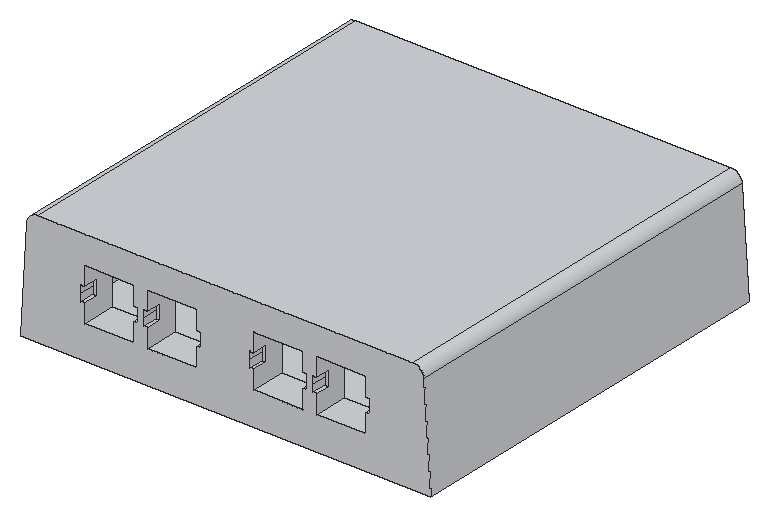
Revit family
Parameters
  Material ID = "760057448"
  Description = "M200 Surface Mount Box, eight port gray"
Reference planes (in)
  plane 1 "Center (Front/Back)": y = 0
  plane 2: z = 0
  plane 3 "Center (Left/Right)": x = 0
Forms (in)
  Extrusion 1, solid
    sketch origin (0, 0, 0) x (1, 0, 0) y (0, 0, 1)
      loop
        arc (-2.49587, 1.515) -> (-2.5985, 1.4744) -> (-2.64557, 1.37458) r 0.15
        line (-2.64557, 1.37458) -> (-2.7335, 0) -> (2.7335, 0) -> (2.64557, 1.37458)
        arc (2.64557, 1.37458) -> (2.5985, 1.4744) -> (2.49587, 1.515) r 0.15
        line (2.49587, 1.515) -> (-2.49587, 1.515)
    from 0 to 5.3
  Extrusion 2, void
    sketch origin (0, 0, 0) x (1, 0, 0) y (0, 0, 1)
      loop
        line (-1.8746, 1.14298) -> (-1.8746, 0.44298) -> (-1.2166, 0.44298) -> (-1.2166, 1.14298) -> (-1.8746, 1.14298)
      loop
        line (-1.0386, 1.14298) -> (-1.0386, 0.44298) -> (-0.3806, 0.44298) -> (-0.3806, 1.14298) -> (-1.0386, 1.14298)
      loop
        line (1.8746, 1.14298) -> (1.2166, 1.14298) -> (1.2166, 0.44298) -> (1.8746, 0.44298) -> (1.8746, 1.14298)
      loop
        line (1.0386, 1.14298) -> (0.3806, 1.14298) -> (0.3806, 0.44298) -> (1.0386, 0.44298) -> (1.0386, 1.14298)
    from 0 to 12
  Extrusion 3, void
    sketch origin (0, 0, 0) x (1, 0, 0) y (0, 0, 1)
      loop
        line (-1.1656, 0.79298) -> (-1.1656, 0.89298) -> (-1.2166, 0.89298) -> (-1.2166, 0.69298) -> (-1.1656, 0.69298) -> (-1.1656, 0.79298)
      loop
        line (-1.9256, 0.79298) -> (-1.9256, 0.69298) -> (-1.8746, 0.69298) -> (-1.8746, 0.89298) -> (-1.9256, 0.89298) -> (-1.9256, 0.79298)
      loop
        line (-0.3296, 0.79298) -> (-0.3296, 0.89298) -> (-0.3806, 0.89298) -> (-0.3806, 0.69298) -> (-0.3296, 0.69298) -> (-0.3296, 0.79298)
      loop
        line (-1.0896, 0.79298) -> (-1.0896, 0.69298) -> (-1.0386, 0.69298) -> (-1.0386, 0.89298) -> (-1.0896, 0.89298) -> (-1.0896, 0.79298)
      loop
        line (1.1656, 0.79298) -> (1.1656, 0.69298) -> (1.2166, 0.69298) -> (1.2166, 0.89298) -> (1.1656, 0.89298) -> (1.1656, 0.79298)
      loop
        line (1.9256, 0.79298) -> (1.9256, 0.89298) -> (1.8746, 0.89298) -> (1.8746, 0.69298) -> (1.9256, 0.69298) -> (1.9256, 0.79298)
      loop
        line (0.3296, 0.79298) -> (0.3296, 0.69298) -> (0.3806, 0.69298) -> (0.3806, 0.89298) -> (0.3296, 0.89298) -> (0.3296, 0.79298)
      loop
        line (1.0896, 0.79298) -> (1.0896, 0.89298) -> (1.0386, 0.89298) -> (1.0386, 0.69298) -> (1.0896, 0.69298) -> (1.0896, 0.79298)
    from 0 to 0.5
  Extrusion 4, void
    sketch origin (0, -5.3, 0) x (1, 0, 0) y (0, 0, -1)
      loop
        line (-1.1656, -0.79298) -> (-1.1656, -0.69298) -> (-1.2166, -0.69298) -> (-1.2166, -0.89298) -> (-1.1656, -0.89298) -> (-1.1656, -0.79298)
      loop
        line (-1.9256, -0.79298) -> (-1.9256, -0.89298) -> (-1.8746, -0.89298) -> (-1.8746, -0.69298) -> (-1.9256, -0.69298) -> (-1.9256, -0.79298)
      loop
        line (-0.3296, -0.79298) -> (-0.3296, -0.69298) -> (-0.3806, -0.69298) -> (-0.3806, -0.89298) -> (-0.3296, -0.89298) -> (-0.3296, -0.79298)
      loop
        line (-1.0896, -0.79298) -> (-1.0896, -0.89298) -> (-1.0386, -0.89298) -> (-1.0386, -0.69298) -> (-1.0896, -0.69298) -> (-1.0896, -0.79298)
      loop
        line (1.1656, -0.79298) -> (1.1656, -0.89298) -> (1.2166, -0.89298) -> (1.2166, -0.69298) -> (1.1656, -0.69298) -> (1.1656, -0.79298)
      loop
        line (1.9256, -0.79298) -> (1.9256, -0.69298) -> (1.8746, -0.69298) -> (1.8746, -0.89298) -> (1.9256, -0.89298) -> (1.9256, -0.79298)
      loop
        line (0.3296, -0.79298) -> (0.3296, -0.89298) -> (0.3806, -0.89298) -> (0.3806, -0.69298) -> (0.3296, -0.69298) -> (0.3296, -0.79298)
      loop
        line (1.0896, -0.79298) -> (1.0896, -0.69298) -> (1.0386, -0.69298) -> (1.0386, -0.89298) -> (1.0896, -0.89298) -> (1.0896, -0.79298)
    from 0 to 0.2
  Extrusion 5, void
    sketch origin (0, 0, 0) x (1, 0, 0) y (0, 1, 0)
      loop
        line (-0.35216, -3.82011) -> (0, -3.82011) -> (0.35216, -3.82011)
        arc (0.35216, -3.82011) -> (0.5286, -3.64367) -> (0.35216, -3.46722) r 0.17645
        line (0.35216, -3.46722) -> (0, -3.46722) -> (-0.35216, -3.46722)
        arc (-0.35216, -3.46722) -> (-0.5286, -3.64367) -> (-0.35216, -3.82011) r 0.17645
      loop
        arc (-0.35216, -1.47989) -> (-0.5286, -1.65633) -> (-0.35216, -1.83278) r 0.17645
        line (-0.35216, -1.83278) -> (0, -1.83278) -> (0.35216, -1.83278)
        arc (0.35216, -1.83278) -> (0.5286, -1.65633) -> (0.35216, -1.47989) r 0.17645
        line (0.35216, -1.47989) -> (0, -1.47989) -> (-0.35216, -1.47989)
      loop
        line (-0.78583, -3.00216) -> (-0.78583, -2.65) -> (-0.78583, -2.29784)
        arc (-0.78583, -2.29784) -> (-0.96227, -2.1214) -> (-1.13872, -2.29784) r 0.17645
        line (-1.13872, -2.29784) -> (-1.13872, -2.65) -> (-1.13872, -3.00216)
        arc (-1.13872, -3.00216) -> (-0.96227, -3.1786) -> (-0.78583, -3.00216) r 0.17645
      loop
        arc (0.78583, -3.00216) -> (0.96227, -3.1786) -> (1.13872, -3.00216) r 0.17645
        line (1.13872, -3.00216) -> (1.13872, -2.65) -> (1.13872, -2.29784)
        arc (1.13872, -2.29784) -> (0.96227, -2.1214) -> (0.78583, -2.29784) r 0.17645
        line (0.78583, -2.29784) -> (0.78583, -2.65) -> (0.78583, -3.00216)
    from 0 to 1.21698
  Extrusion 6, void
    sketch origin (0, -5.3, 0) x (-1, 0, 0) y (0, 0, 1)
      loop
        line (2.4691, 1.35955) -> (-2.45851, 1.35955) -> (-2.54559, 0.11431) -> (2.55617, 0.11431) -> (2.4691, 1.35955)
    from 0.45822 to 4.8
Cuts and joins
  Extrusion 2, Extrusion 3, Extrusion 4, Extrusion 5, Extrusion 6 cuts Extrusion 1
